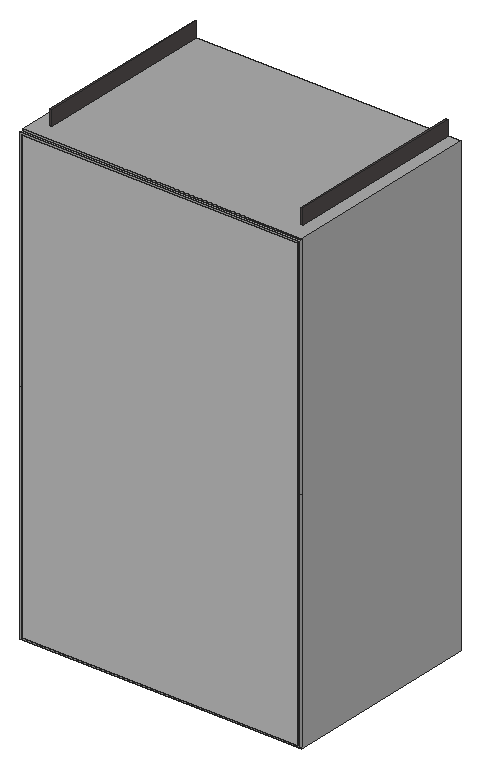
Revit family "vanity unit-hansgrohe-54171XXX-Xevolos E Vanity unit Slate Matt Grey 340_245 for handrinse basin, door hinge right", category Furniture, Revit 2019
Family settings
  OmniClass Number = 23.40.00.00
  OmniClass Title = Equipment and Furnishings
  Work Plane-Based = No
  Always vertical = Yes
  Cut with Voids When Loaded = No
  Shared = Yes
  Room Calculation Point = No
Parameters (values of type "54171770-SLATE_MATT_GREY-METALLIC_SLATE_GREY-200")
  etim7_EC011381 = "EC011381"
  WEIGHT = "9.2"
  UNSPSC = "56 | Furniture and Furnishings"
  UNIFORMATII = "E2010 | Fixed Furnishings"
  UNICLASS_2015_CODE = "40_30_78_05"
  UNICLASS2015 = "Pr_40_30_78_05 | Bathroom furniture"
  SURFACE = "METALLIC_SLATE_GREY"
  REGION = "Worldwide"
  PRODUCTURL = "https://pro.hansgrohe.com/articledetail--54171770"
  PERMALINK = "54171XXX"
  OMNICLASS = "23-21 19 15 33 13 | Residential Bathroom Specialty Casework"
  OBJECTTYPE = "Object (single object)"
  OBERFLAECHE = "SLATE_MATT_GREY"
  NN = "Vanity Unit for handrinse basin, door hinge"
  NBSYN = "$ARTNR.-$OBERFLAECHE.-$SURFACE.-$LODLEVEL."
  NB = "54171770-SLATE_MATT_GREY-METALLIC_SLATE_GREY-200"
  NAME = "Xevolos E Vanity unit Slate Matt Grey 340/245 for handrinse basin, door hinge right"
  Model = "54171770-SLATE_MATT_GREY-METALLIC_SLATE_GREY-200"
  Manufacturer = "Hansgrohe"
  MIdent = "{$CADENAS_DATA/23d-libs/hansgrohe/xevolos_furniture/xevolos_vanity_unit_for_handrinse_basin_door_hinge/vanity_unit_for_handrinse_basin_with_door_hing.prj},282 {VTYP=3D},{NB=54171770-SLATE_MATT_GREY-METALLIC_SLATE_GREY-200},{LINA=54171770-SLATE_MATT_GREY-METALLIC_SLATE_GREY-200},{NN=Vanity Unit for handrinse basin, door hinge},{DATE=13.03.2023 12:26:36},{GEOMDATE=12.03.2023 06:59:00},{VERSION=},{LINEID=180},{WBVAR=LODLEVEL},{WBNUMERIC=}  {NB=54171770-SLATE_MATT_GREY-METALLIC_SLATE_GREY-200},{LINA=54171770-SLATE_MATT_GREY-METALLIC_SLATE_GREY-200},{KT=DUMMY},{IDNR=18},{ARTNR=54171770},{BASENUMBER=54171},{MODEL=54171XXX},{OBERFLAECHE=SLATE_MATT_GREY},{SURFACE=METALLIC_SLATE_GREY},{L=340},{LODLEVEL=200},{LODLEVELX='400','400','200','200'},{NAME=Xevolos E Vanity unit Slate Matt Grey 340/245 for handrinse basin, door hinge right},{PERMALINK=54171XXX},{OBJECTTYPE=Object (single object)},{BIMOBJECT=Sanitary: Compound units},{COLLECTIONSET=Xevolos E},{COLLECTION=vanity unit},{WEIGHT=9.2},{DESCRIPTION=Xevolos E Vanity unit Slate Matt Grey 340/245 for handrinse basin, door hinge right},{PRODUCTURL=https://pro.hansgrohe.com/articledetail--54171770},{GTINCODE=},{TENDERURL=},{IFC=Furnishing element},{ETIM=EC011381 | Bathroom furniture set},{UNICLASS2015=Pr_40_30_78_05 | Bathroom furniture},{OMNICLASS=23-21 19 15 33 13 | Residential Bathroom Specialty Casework},{MASTERFORMAT=12 35 30.23 | Bathroom Casework},{UNSPSC=56 | Furniture and Furnishings},{UNIFORMATII=E2010 | Fixed Furnishings},{REGION=Worldwide},{DESIGN=Germany},{MANUFACTURER=Germany}"
  MASTERFORMAT = "12 35 30.23 | Bathroom Casework"
  LODLEVEL = "200"
  LINA = "54171770-SLATE_MATT_GREY-METALLIC_SLATE_GREY-200"
  L = 340
  IFC = "Furnishing element"
  IDNR = 18
  ETIM = "EC011381 | Bathroom furniture set"
  DESIGN = "Germany"
  COLLECTIONSET = "Xevolos E"
  COLLECTION = "vanity unit"
  CATALOG = "Hansgrohe"
  BIMOBJECT = "Sanitary: Compound units"
  BASENUMBER = "54171"
  ARTNR = "54171770"
  54171770-SLATE_MATT_GREY-METALLIC_SLATE_GREY-400_RX0RY0RZ0TX0TY0TZ0_V = no
  54171770-SLATE_MATT_GREY-METALLIC_SLATE_GREY-200_RX0RY0RZ0TX0TY0TZ0_V = yes
  54171730-SLATE_MATT_GREY-DARK_OAK-400_RX0RY0RZ0TX0TY0TZ0_V = no
  54171730-SLATE_MATT_GREY-DARK_OAK-200_RX0RY0RZ0TX0TY0TZ0_V = no
  54171390-SLATE_MATT_GREY-PATTEREND_BRONZE-400_RX0RY0RZ0TX0TY0TZ0_V = no
  54171390-SLATE_MATT_GREY-PATTEREND_BRONZE-200_RX0RY0RZ0TX0TY0TZ0_V = no
Types (6, lengths in mm): name | SURFACE | NB | Model | MIdent | LODLEVEL | LINA | IDNR | ARTNR | 54171770-SLATE_MATT_GREY-METALLIC_SLATE_GREY-400_RX0RY0RZ0TX0TY0TZ0_V | 54171770-SLATE_MATT_GREY-METALLIC_SLATE_GREY-200_RX0RY0RZ0TX0TY0TZ0_V | 54171730-SLATE_MATT_GREY-DARK_OAK-400_RX0RY0RZ0TX0TY0TZ0_V | 54171730-SLATE_MATT_GREY-DARK_OAK-200_RX0RY0RZ0TX0TY0TZ0_V | 54171390-SLATE_MATT_GREY-PATTEREND_BRONZE-400_RX0RY0RZ0TX0TY0TZ0_V | 54171390-SLATE_MATT_GREY-PATTEREND_BRONZE-200_RX0RY0RZ0TX0TY0TZ0_V
  54171390-SLATE_MATT_GREY-PATTEREND_BRONZE-200 | "PATTEREND_BRONZE" | "54171390-SLATE_MATT_GREY-PATTEREND_BRONZE-200" | "54171390-SLATE_MATT_GREY-PATTEREND_BRONZE-200" | "{$CADENAS_DATA/23d-libs/hansgrohe/xevolos_furniture/xevolos_vanity_unit_for_handrinse_basin_door_hinge/vanity_unit_for_handrinse_basin_with_door_hing.prj},276 {VTYP=3D},{NB=54171390-SLATE_MATT_GREY-PATTEREND_BRONZE-200},{LINA=54171390-SLATE_MATT_GREY-PATTEREND_BRONZE-200},{NN=Vanity Unit for handrinse basin, door hinge},{DATE=13.03.2023 12:26:36},{GEOMDATE=12.03.2023 06:59:00},{VERSION=},{LINEID=160},{WBVAR=LODLEVEL},{WBNUMERIC=}  {NB=54171390-SLATE_MATT_GREY-PATTEREND_BRONZE-200},{LINA=54171390-SLATE_MATT_GREY-PATTEREND_BRONZE-200},{KT=DUMMY},{IDNR=16},{ARTNR=54171390},{BASENUMBER=54171},{MODEL=54171XXX},{OBERFLAECHE=SLATE_MATT_GREY},{SURFACE=PATTEREND_BRONZE},{L=340},{LODLEVEL=200},{LODLEVELX='400','400','200','200'},{NAME=Xevolos E Vanity unit Slate Matt Grey 340/245 for handrinse basin, door hinge right},{PERMALINK=54171XXX},{OBJECTTYPE=Object (single object)},{BIMOBJECT=Sanitary: Compound units},{COLLECTIONSET=Xevolos E},{COLLECTION=vanity unit},{WEIGHT=9.2},{DESCRIPTION=Xevolos E Vanity unit Slate Matt Grey 340/245 for handrinse basin, door hinge right},{PRODUCTURL=https://pro.hansgrohe.com/articledetail--54171770},{GTINCODE=},{TENDERURL=},{IFC=Furnishing element},{ETIM=EC011381 | Bathroom furniture set},{UNICLASS2015=Pr_40_30_78_05 | Bathroom furniture},{OMNICLASS=23-21 19 15 33 13 | Residential Bathroom Specialty Casework},{MASTERFORMAT=12 35 30.23 | Bathroom Casework},{UNSPSC=56 | Furniture and Furnishings},{UNIFORMATII=E2010 | Fixed Furnishings},{REGION=Worldwide},{DESIGN=Germany},{MANUFACTURER=Germany}" | "200" | "54171390-SLATE_MATT_GREY-PATTEREND_BRONZE-200" | 16 | "54171390" | no | no | no | no | no | yes
  54171390-SLATE_MATT_GREY-PATTEREND_BRONZE-400 | "PATTEREND_BRONZE" | "54171390-SLATE_MATT_GREY-PATTEREND_BRONZE-400" | "54171390-SLATE_MATT_GREY-PATTEREND_BRONZE-400" | "{$CADENAS_DATA/23d-libs/hansgrohe/xevolos_furniture/xevolos_vanity_unit_for_handrinse_basin_door_hinge/vanity_unit_for_handrinse_basin_with_door_hing.prj},276 {VTYP=3D},{NB=54171390-SLATE_MATT_GREY-PATTEREND_BRONZE-400},{LINA=54171390-SLATE_MATT_GREY-PATTEREND_BRONZE-400},{NN=Vanity Unit for handrinse basin, door hinge},{DATE=13.03.2023 12:26:36},{GEOMDATE=12.03.2023 06:59:00},{VERSION=},{LINEID=160},{WBVAR=LODLEVEL},{WBNUMERIC=}  {NB=54171390-SLATE_MATT_GREY-PATTEREND_BRONZE-400},{LINA=54171390-SLATE_MATT_GREY-PATTEREND_BRONZE-400},{KT=DUMMY},{IDNR=16},{ARTNR=54171390},{BASENUMBER=54171},{MODEL=54171XXX},{OBERFLAECHE=SLATE_MATT_GREY},{SURFACE=PATTEREND_BRONZE},{L=340},{LODLEVEL=400},{LODLEVELX='400','400','200','200'},{NAME=Xevolos E Vanity unit Slate Matt Grey 340/245 for handrinse basin, door hinge right},{PERMALINK=54171XXX},{OBJECTTYPE=Object (single object)},{BIMOBJECT=Sanitary: Compound units},{COLLECTIONSET=Xevolos E},{COLLECTION=vanity unit},{WEIGHT=9.2},{DESCRIPTION=Xevolos E Vanity unit Slate Matt Grey 340/245 for handrinse basin, door hinge right},{PRODUCTURL=https://pro.hansgrohe.com/articledetail--54171770},{GTINCODE=},{TENDERURL=},{IFC=Furnishing element},{ETIM=EC011381 | Bathroom furniture set},{UNICLASS2015=Pr_40_30_78_05 | Bathroom furniture},{OMNICLASS=23-21 19 15 33 13 | Residential Bathroom Specialty Casework},{MASTERFORMAT=12 35 30.23 | Bathroom Casework},{UNSPSC=56 | Furniture and Furnishings},{UNIFORMATII=E2010 | Fixed Furnishings},{REGION=Worldwide},{DESIGN=Germany},{MANUFACTURER=Germany}" | "400" | "54171390-SLATE_MATT_GREY-PATTEREND_BRONZE-400" | 16 | "54171390" | no | no | no | no | yes | no
  54171730-SLATE_MATT_GREY-DARK_OAK-200 | "DARK_OAK" | "54171730-SLATE_MATT_GREY-DARK_OAK-200" | "54171730-SLATE_MATT_GREY-DARK_OAK-200" | "{$CADENAS_DATA/23d-libs/hansgrohe/xevolos_furniture/xevolos_vanity_unit_for_handrinse_basin_door_hinge/vanity_unit_for_handrinse_basin_with_door_hing.prj},260 {VTYP=3D},{NB=54171730-SLATE_MATT_GREY-DARK_OAK-200},{LINA=54171730-SLATE_MATT_GREY-DARK_OAK-200},{NN=Vanity Unit for handrinse basin, door hinge},{DATE=13.03.2023 12:26:36},{GEOMDATE=12.03.2023 06:59:00},{VERSION=},{LINEID=170},{WBVAR=LODLEVEL},{WBNUMERIC=}  {NB=54171730-SLATE_MATT_GREY-DARK_OAK-200},{LINA=54171730-SLATE_MATT_GREY-DARK_OAK-200},{KT=DUMMY},{IDNR=17},{ARTNR=54171730},{BASENUMBER=54171},{MODEL=54171XXX},{OBERFLAECHE=SLATE_MATT_GREY},{SURFACE=DARK_OAK},{L=340},{LODLEVEL=200},{LODLEVELX='400','400','200','200'},{NAME=Xevolos E Vanity unit Slate Matt Grey 340/245 for handrinse basin, door hinge right},{PERMALINK=54171XXX},{OBJECTTYPE=Object (single object)},{BIMOBJECT=Sanitary: Compound units},{COLLECTIONSET=Xevolos E},{COLLECTION=vanity unit},{WEIGHT=9.2},{DESCRIPTION=Xevolos E Vanity unit Slate Matt Grey 340/245 for handrinse basin, door hinge right},{PRODUCTURL=https://pro.hansgrohe.com/articledetail--54171770},{GTINCODE=},{TENDERURL=},{IFC=Furnishing element},{ETIM=EC011381 | Bathroom furniture set},{UNICLASS2015=Pr_40_30_78_05 | Bathroom furniture},{OMNICLASS=23-21 19 15 33 13 | Residential Bathroom Specialty Casework},{MASTERFORMAT=12 35 30.23 | Bathroom Casework},{UNSPSC=56 | Furniture and Furnishings},{UNIFORMATII=E2010 | Fixed Furnishings},{REGION=Worldwide},{DESIGN=Germany},{MANUFACTURER=Germany}" | "200" | "54171730-SLATE_MATT_GREY-DARK_OAK-200" | 17 | "54171730" | no | no | no | yes | no | no
  54171730-SLATE_MATT_GREY-DARK_OAK-400 | "DARK_OAK" | "54171730-SLATE_MATT_GREY-DARK_OAK-400" | "54171730-SLATE_MATT_GREY-DARK_OAK-400" | "{$CADENAS_DATA/23d-libs/hansgrohe/xevolos_furniture/xevolos_vanity_unit_for_handrinse_basin_door_hinge/vanity_unit_for_handrinse_basin_with_door_hing.prj},260 {VTYP=3D},{NB=54171730-SLATE_MATT_GREY-DARK_OAK-400},{LINA=54171730-SLATE_MATT_GREY-DARK_OAK-400},{NN=Vanity Unit for handrinse basin, door hinge},{DATE=13.03.2023 12:26:36},{GEOMDATE=12.03.2023 06:59:00},{VERSION=},{LINEID=170},{WBVAR=LODLEVEL},{WBNUMERIC=}  {NB=54171730-SLATE_MATT_GREY-DARK_OAK-400},{LINA=54171730-SLATE_MATT_GREY-DARK_OAK-400},{KT=DUMMY},{IDNR=17},{ARTNR=54171730},{BASENUMBER=54171},{MODEL=54171XXX},{OBERFLAECHE=SLATE_MATT_GREY},{SURFACE=DARK_OAK},{L=340},{LODLEVEL=400},{LODLEVELX='400','400','200','200'},{NAME=Xevolos E Vanity unit Slate Matt Grey 340/245 for handrinse basin, door hinge right},{PERMALINK=54171XXX},{OBJECTTYPE=Object (single object)},{BIMOBJECT=Sanitary: Compound units},{COLLECTIONSET=Xevolos E},{COLLECTION=vanity unit},{WEIGHT=9.2},{DESCRIPTION=Xevolos E Vanity unit Slate Matt Grey 340/245 for handrinse basin, door hinge right},{PRODUCTURL=https://pro.hansgrohe.com/articledetail--54171770},{GTINCODE=},{TENDERURL=},{IFC=Furnishing element},{ETIM=EC011381 | Bathroom furniture set},{UNICLASS2015=Pr_40_30_78_05 | Bathroom furniture},{OMNICLASS=23-21 19 15 33 13 | Residential Bathroom Specialty Casework},{MASTERFORMAT=12 35 30.23 | Bathroom Casework},{UNSPSC=56 | Furniture and Furnishings},{UNIFORMATII=E2010 | Fixed Furnishings},{REGION=Worldwide},{DESIGN=Germany},{MANUFACTURER=Germany}" | "400" | "54171730-SLATE_MATT_GREY-DARK_OAK-400" | 17 | "54171730" | no | no | yes | no | no | no
  54171770-SLATE_MATT_GREY-METALLIC_SLATE_GREY-200 | "METALLIC_SLATE_GREY" | "54171770-SLATE_MATT_GREY-METALLIC_SLATE_GREY-200" | "54171770-SLATE_MATT_GREY-METALLIC_SLATE_GREY-200" | "{$CADENAS_DATA/23d-libs/hansgrohe/xevolos_furniture/xevolos_vanity_unit_for_handrinse_basin_door_hinge/vanity_unit_for_handrinse_basin_with_door_hing.prj},282 {VTYP=3D},{NB=54171770-SLATE_MATT_GREY-METALLIC_SLATE_GREY-200},{LINA=54171770-SLATE_MATT_GREY-METALLIC_SLATE_GREY-200},{NN=Vanity Unit for handrinse basin, door hinge},{DATE=13.03.2023 12:26:36},{GEOMDATE=12.03.2023 06:59:00},{VERSION=},{LINEID=180},{WBVAR=LODLEVEL},{WBNUMERIC=}  {NB=54171770-SLATE_MATT_GREY-METALLIC_SLATE_GREY-200},{LINA=54171770-SLATE_MATT_GREY-METALLIC_SLATE_GREY-200},{KT=DUMMY},{IDNR=18},{ARTNR=54171770},{BASENUMBER=54171},{MODEL=54171XXX},{OBERFLAECHE=SLATE_MATT_GREY},{SURFACE=METALLIC_SLATE_GREY},{L=340},{LODLEVEL=200},{LODLEVELX='400','400','200','200'},{NAME=Xevolos E Vanity unit Slate Matt Grey 340/245 for handrinse basin, door hinge right},{PERMALINK=54171XXX},{OBJECTTYPE=Object (single object)},{BIMOBJECT=Sanitary: Compound units},{COLLECTIONSET=Xevolos E},{COLLECTION=vanity unit},{WEIGHT=9.2},{DESCRIPTION=Xevolos E Vanity unit Slate Matt Grey 340/245 for handrinse basin, door hinge right},{PRODUCTURL=https://pro.hansgrohe.com/articledetail--54171770},{GTINCODE=},{TENDERURL=},{IFC=Furnishing element},{ETIM=EC011381 | Bathroom furniture set},{UNICLASS2015=Pr_40_30_78_05 | Bathroom furniture},{OMNICLASS=23-21 19 15 33 13 | Residential Bathroom Specialty Casework},{MASTERFORMAT=12 35 30.23 | Bathroom Casework},{UNSPSC=56 | Furniture and Furnishings},{UNIFORMATII=E2010 | Fixed Furnishings},{REGION=Worldwide},{DESIGN=Germany},{MANUFACTURER=Germany}" | "200" | "54171770-SLATE_MATT_GREY-METALLIC_SLATE_GREY-200" | 18 | "54171770" | no | yes | no | no | no | no
  54171770-SLATE_MATT_GREY-METALLIC_SLATE_GREY-400 | "METALLIC_SLATE_GREY" | "54171770-SLATE_MATT_GREY-METALLIC_SLATE_GREY-400" | "54171770-SLATE_MATT_GREY-METALLIC_SLATE_GREY-400" | "{$CADENAS_DATA/23d-libs/hansgrohe/xevolos_furniture/xevolos_vanity_unit_for_handrinse_basin_door_hinge/vanity_unit_for_handrinse_basin_with_door_hing.prj},282 {VTYP=3D},{NB=54171770-SLATE_MATT_GREY-METALLIC_SLATE_GREY-400},{LINA=54171770-SLATE_MATT_GREY-METALLIC_SLATE_GREY-400},{NN=Vanity Unit for handrinse basin, door hinge},{DATE=13.03.2023 12:26:36},{GEOMDATE=12.03.2023 06:59:00},{VERSION=},{LINEID=180},{WBVAR=LODLEVEL},{WBNUMERIC=}  {NB=54171770-SLATE_MATT_GREY-METALLIC_SLATE_GREY-400},{LINA=54171770-SLATE_MATT_GREY-METALLIC_SLATE_GREY-400},{KT=DUMMY},{IDNR=18},{ARTNR=54171770},{BASENUMBER=54171},{MODEL=54171XXX},{OBERFLAECHE=SLATE_MATT_GREY},{SURFACE=METALLIC_SLATE_GREY},{L=340},{LODLEVEL=400},{LODLEVELX='400','400','200','200'},{NAME=Xevolos E Vanity unit Slate Matt Grey 340/245 for handrinse basin, door hinge right},{PERMALINK=54171XXX},{OBJECTTYPE=Object (single object)},{BIMOBJECT=Sanitary: Compound units},{COLLECTIONSET=Xevolos E},{COLLECTION=vanity unit},{WEIGHT=9.2},{DESCRIPTION=Xevolos E Vanity unit Slate Matt Grey 340/245 for handrinse basin, door hinge right},{PRODUCTURL=https://pro.hansgrohe.com/articledetail--54171770},{GTINCODE=},{TENDERURL=},{IFC=Furnishing element},{ETIM=EC011381 | Bathroom furniture set},{UNICLASS2015=Pr_40_30_78_05 | Bathroom furniture},{OMNICLASS=23-21 19 15 33 13 | Residential Bathroom Specialty Casework},{MASTERFORMAT=12 35 30.23 | Bathroom Casework},{UNSPSC=56 | Furniture and Furnishings},{UNIFORMATII=E2010 | Fixed Furnishings},{REGION=Worldwide},{DESIGN=Germany},{MANUFACTURER=Germany}" | "400" | "54171770-SLATE_MATT_GREY-METALLIC_SLATE_GREY-400" | 18 | "54171770" | yes | no | no | no | no | no
Reference planes
  plane 1 "Center (Front/Back)": y = 0
  plane 2: z = 0
  plane 3 "Center (Left/Right)": x = 0
Dimensions and locks
  aligned and locked: level to plane 2
Nested families
  nested 1: "54171390-slate_matt_grey-patterend_bronze-200_content" at (0, 0, 0), visible <- "54171390-SLATE_MATT_GREY-PATTEREND_BRONZE-200_RX0RY0RZ0TX0TY0TZ0_V", ContentVisible <- "54171390-SLATE_MATT_GREY-PATTEREND_BRONZE-200_RX0RY0RZ0TX0TY0TZ0_V", type "54171390-SLATE_MATT_GREY-PATTEREND_BRONZE-200_Content"
    with ContentVisible no
  nested 2: "54171390-slate_matt_grey-patterend_bronze-400_content" at (0, 0, 0), visible <- "54171390-SLATE_MATT_GREY-PATTEREND_BRONZE-400_RX0RY0RZ0TX0TY0TZ0_V", ContentVisible <- "54171390-SLATE_MATT_GREY-PATTEREND_BRONZE-400_RX0RY0RZ0TX0TY0TZ0_V", type "54171390-SLATE_MATT_GREY-PATTEREND_BRONZE-400_Content"
    with ContentVisible no
  nested 3: "54171730-slate_matt_grey-dark_oak-200_content" at (0, 0, 0), visible <- "54171730-SLATE_MATT_GREY-DARK_OAK-200_RX0RY0RZ0TX0TY0TZ0_V", ContentVisible <- "54171730-SLATE_MATT_GREY-DARK_OAK-200_RX0RY0RZ0TX0TY0TZ0_V", type "54171730-SLATE_MATT_GREY-DARK_OAK-200_Content"
    with ContentVisible no
  nested 4: "54171730-slate_matt_grey-dark_oak-400_content" at (0, 0, 0), visible <- "54171730-SLATE_MATT_GREY-DARK_OAK-400_RX0RY0RZ0TX0TY0TZ0_V", ContentVisible <- "54171730-SLATE_MATT_GREY-DARK_OAK-400_RX0RY0RZ0TX0TY0TZ0_V", type "54171730-SLATE_MATT_GREY-DARK_OAK-400_Content"
    with ContentVisible no
  nested 5: "54171770-slate_matt_grey-metallic_slate_grey-200_content" at (0, 0, 0), visible <- "54171770-SLATE_MATT_GREY-METALLIC_SLATE_GREY-200_RX0RY0RZ0TX0TY0TZ0_V", ContentVisible <- "54171770-SLATE_MATT_GREY-METALLIC_SLATE_GREY-200_RX0RY0RZ0TX0TY0TZ0_V", type "54171770-SLATE_MATT_GREY-METALLIC_SLATE_GREY-200_Content"
    with ContentVisible yes
  nested 6: "54171770-slate_matt_grey-metallic_slate_grey-400_content" at (0, 0, 0), visible <- "54171770-SLATE_MATT_GREY-METALLIC_SLATE_GREY-400_RX0RY0RZ0TX0TY0TZ0_V", ContentVisible <- "54171770-SLATE_MATT_GREY-METALLIC_SLATE_GREY-400_RX0RY0RZ0TX0TY0TZ0_V", type "54171770-SLATE_MATT_GREY-METALLIC_SLATE_GREY-400_Content"
    with ContentVisible no
Definition of nested family "54171770-slate_matt_grey-metallic_slate_grey-200_content"
  Parameters (values of type "54171770-SLATE_MATT_GREY-METALLIC_SLATE_GREY-200_Content")
    etim7_EC011381 = "EC011381"
    WEIGHT = "9.2"
    UNSPSC = "56 | Furniture and Furnishings"
    UNIFORMATII = "E2010 | Fixed Furnishings"
    UNICLASS_2015_CODE = "40_30_78_05"
    UNICLASS2015 = "Pr_40_30_78_05 | Bathroom furniture"
    SURFACE = "METALLIC_SLATE_GREY"
    REGION = "Worldwide"
    PRODUCTURL = "https://pro.hansgrohe.com/articledetail--54171770"
    PERMALINK = "54171XXX"
    OMNICLASS = "23-21 19 15 33 13 | Residential Bathroom Specialty Casework"
    OBJECTTYPE = "Object (single object)"
    OBERFLAECHE = "SLATE_MATT_GREY"
    NN = "Vanity Unit for handrinse basin, door hinge"
    NBSYN = "$ARTNR.-$OBERFLAECHE.-$SURFACE.-$LODLEVEL."
    NB = "54171770-SLATE_MATT_GREY-METALLIC_SLATE_GREY-200"
    NAME = "Xevolos E Vanity unit Slate Matt Grey 340/245 for handrinse basin, door hinge right"
    Model = "54171770-SLATE_MATT_GREY-METALLIC_SLATE_GREY-200"
    Manufacturer = "Hansgrohe"
    MASTERFORMAT = "12 35 30.23 | Bathroom Casework"
    LODLEVEL = "200"
    LINA = "54171770-SLATE_MATT_GREY-METALLIC_SLATE_GREY-200"
    L = 340
    IFC = "Furnishing element"
    IDNR = 18
    ETIM = "EC011381 | Bathroom furniture set"
    Default Elevation = 1219.2 mm
    DESIGN = "Germany"
    ContentVisible [instance] = yes
    COLLECTIONSET = "Xevolos E"
    COLLECTION = "vanity unit"
    CATALOG = "Hansgrohe"
    BIMOBJECT = "Sanitary: Compound units"
    BASENUMBER = "54171"
    ARTNR = "54171770"
  Reference planes
    plane 1 "Center (Front/Back)": y = 0
    plane 2: z = 0
    plane 3 "Center (Left/Right)": x = 0
  Forms (mm)
    Extrusion 1, solid, visible <- "ContentVisible", detail levels medium+fine
      sketch origin (0, 0, 0) x (1, 0, 0) y (0, 1, 0)
        loop
          line (-170, 0) -> (-170, -241.25) -> (170, -241.25) -> (170, 0) -> (-170, 0)
      from 0 to 556
    Extrusion 2, solid, visible <- "ContentVisible", detail levels medium+fine
      sketch origin (0, -241.25, 0) x (1, 0, 0) y (0, 0, -1)
        loop
          line (-170, -278) -> (-168, -278) -> (-168, -4) -> (168, -4) -> (168, -278) -> (170, -278) -> (170, -2) -> (-170, -2) -> (-170, -278)
      from -4 to 0
    Extrusion 3, solid, visible <- "ContentVisible", detail levels medium+fine
      sketch origin (0, -241.25, 0) x (1, 0, 0) y (0, 0, -1)
        loop
          line (-170, -278) -> (-170, -554) -> (170, -554) -> (170, -278) -> (168, -278) -> (168, -552) -> (-168, -552) -> (-168, -278) -> (-170, -278)
      from -4 to 0
    Extrusion 4, solid, visible <- "ContentVisible", detail levels medium+fine
      sketch origin (0, -241.25, 0) x (1, 0, 0) y (0, 0, -1)
        loop
          line (-168, -552) -> (168, -552) -> (168, -4) -> (-168, -4) -> (-168, -552)
      from -4 to 0
    Extrusion 5, solid, visible <- "ContentVisible", detail levels medium+fine
      sketch origin (-154, 0, 0) x (0, 0, -1) y (0, 1, 0)
        loop
          line (-574, 0) -> (-574, -220) -> (-554, -220) -> (-554, -203.5) -> (-534, -203.5) -> (-534, -17.5) -> (-554, -17.5) -> (-554, 0) -> (-574, 0)
      from 0 to 2
    Extrusion 6, solid, visible <- "ContentVisible", detail levels medium+fine
      sketch origin (154, 0, 0) x (0, 0, -1) y (0, 1, 0)
        loop
          line (-574, 0) -> (-574, -220) -> (-554, -220) -> (-554, -203.5) -> (-534, -203.5) -> (-534, -17.5) -> (-554, -17.5) -> (-554, 0) -> (-574, 0)
      from -2 to 0
    Extrusion 7, solid, visible <- "ContentVisible", detail levels coarse
      sketch origin (0, -122.625, 0) x (1, 0, 0) y (0, 1, 0)
        loop
          line (-170, -122.625) -> (170, -122.625) -> (170, 122.625) -> (-170, 122.625) -> (-170, -122.625)
      from 0 to 574
  Dimensions and locks
    aligned and locked: level to plane 2
Definition of nested family "54171390-slate_matt_grey-patterend_bronze-200_content"
  Parameters (values of type "54171390-SLATE_MATT_GREY-PATTEREND_BRONZE-200_Content")
    etim7_EC011381 = "EC011381"
    WEIGHT = "9.2"
    UNSPSC = "56 | Furniture and Furnishings"
    UNIFORMATII = "E2010 | Fixed Furnishings"
    UNICLASS_2015_CODE = "40_30_78_05"
    UNICLASS2015 = "Pr_40_30_78_05 | Bathroom furniture"
    SURFACE = "PATTEREND_BRONZE"
    REGION = "Worldwide"
    PRODUCTURL = "https://pro.hansgrohe.com/articledetail--54171770"
    PERMALINK = "54171XXX"
    OMNICLASS = "23-21 19 15 33 13 | Residential Bathroom Specialty Casework"
    OBJECTTYPE = "Object (single object)"
    OBERFLAECHE = "SLATE_MATT_GREY"
    NN = "Vanity Unit for handrinse basin, door hinge"
    NBSYN = "$ARTNR.-$OBERFLAECHE.-$SURFACE.-$LODLEVEL."
    NB = "54171390-SLATE_MATT_GREY-PATTEREND_BRONZE-200"
    NAME = "Xevolos E Vanity unit Slate Matt Grey 340/245 for handrinse basin, door hinge right"
    Model = "54171390-SLATE_MATT_GREY-PATTEREND_BRONZE-200"
    Manufacturer = "Hansgrohe"
    MASTERFORMAT = "12 35 30.23 | Bathroom Casework"
    LODLEVEL = "200"
    LINA = "54171390-SLATE_MATT_GREY-PATTEREND_BRONZE-200"
    L = 340
    IFC = "Furnishing element"
    IDNR = 16
    ETIM = "EC011381 | Bathroom furniture set"
    Default Elevation = 1219.2 mm
    DESIGN = "Germany"
    ContentVisible [instance] = yes
    COLLECTIONSET = "Xevolos E"
    COLLECTION = "vanity unit"
    CATALOG = "Hansgrohe"
    BIMOBJECT = "Sanitary: Compound units"
    BASENUMBER = "54171"
    ARTNR = "54171390"
  Reference planes
    plane 1 "Center (Front/Back)": y = 0
    plane 2: z = 0
    plane 3 "Center (Left/Right)": x = 0
  Forms (mm)
    Extrusion 1, solid, visible <- "ContentVisible", detail levels medium+fine
      sketch origin (0, 0, 0) x (1, 0, 0) y (0, 1, 0)
        loop
          line (-170, 0) -> (-170, -241.25) -> (170, -241.25) -> (170, 0) -> (-170, 0)
      from 0 to 556
    Extrusion 2, solid, visible <- "ContentVisible", detail levels medium+fine
      sketch origin (0, -241.25, 0) x (1, 0, 0) y (0, 0, -1)
        loop
          line (-170, -278) -> (-168, -278) -> (-168, -4) -> (168, -4) -> (168, -278) -> (170, -278) -> (170, -2) -> (-170, -2) -> (-170, -278)
      from -4 to 0
    Extrusion 3, solid, visible <- "ContentVisible", detail levels medium+fine
      sketch origin (0, -241.25, 0) x (1, 0, 0) y (0, 0, -1)
        loop
          line (-170, -278) -> (-170, -554) -> (170, -554) -> (170, -278) -> (168, -278) -> (168, -552) -> (-168, -552) -> (-168, -278) -> (-170, -278)
      from -4 to 0
    Extrusion 4, solid, visible <- "ContentVisible", detail levels medium+fine
      sketch origin (0, -241.25, 0) x (1, 0, 0) y (0, 0, -1)
        loop
          line (-168, -552) -> (168, -552) -> (168, -4) -> (-168, -4) -> (-168, -552)
      from -4 to 0
    Extrusion 5, solid, visible <- "ContentVisible", detail levels medium+fine
      sketch origin (-154, 0, 0) x (0, 0, -1) y (0, 1, 0)
        loop
          line (-574, 0) -> (-574, -220) -> (-554, -220) -> (-554, -203.5) -> (-534, -203.5) -> (-534, -17.5) -> (-554, -17.5) -> (-554, 0) -> (-574, 0)
      from 0 to 2
    Extrusion 6, solid, visible <- "ContentVisible", detail levels medium+fine
      sketch origin (154, 0, 0) x (0, 0, -1) y (0, 1, 0)
        loop
          line (-574, 0) -> (-574, -220) -> (-554, -220) -> (-554, -203.5) -> (-534, -203.5) -> (-534, -17.5) -> (-554, -17.5) -> (-554, 0) -> (-574, 0)
      from -2 to 0
    Extrusion 7, solid, visible <- "ContentVisible", detail levels coarse
      sketch origin (0, -122.625, 0) x (1, 0, 0) y (0, 1, 0)
        loop
          line (-170, -122.625) -> (170, -122.625) -> (170, 122.625) -> (-170, 122.625) -> (-170, -122.625)
      from 0 to 574
  Dimensions and locks
    aligned and locked: level to plane 2
Definition of nested family "54171390-slate_matt_grey-patterend_bronze-400_content"
  Parameters (values of type "54171390-SLATE_MATT_GREY-PATTEREND_BRONZE-400_Content")
    etim7_EC011381 = "EC011381"
    WEIGHT = "9.2"
    UNSPSC = "56 | Furniture and Furnishings"
    UNIFORMATII = "E2010 | Fixed Furnishings"
    UNICLASS_2015_CODE = "40_30_78_05"
    UNICLASS2015 = "Pr_40_30_78_05 | Bathroom furniture"
    SURFACE = "PATTEREND_BRONZE"
    REGION = "Worldwide"
    PRODUCTURL = "https://pro.hansgrohe.com/articledetail--54171770"
    PERMALINK = "54171XXX"
    OMNICLASS = "23-21 19 15 33 13 | Residential Bathroom Specialty Casework"
    OBJECTTYPE = "Object (single object)"
    OBERFLAECHE = "SLATE_MATT_GREY"
    NN = "Vanity Unit for handrinse basin, door hinge"
    NBSYN = "$ARTNR.-$OBERFLAECHE.-$SURFACE.-$LODLEVEL."
    NB = "54171390-SLATE_MATT_GREY-PATTEREND_BRONZE-400"
    NAME = "Xevolos E Vanity unit Slate Matt Grey 340/245 for handrinse basin, door hinge right"
    Model = "54171390-SLATE_MATT_GREY-PATTEREND_BRONZE-400"
    Manufacturer = "Hansgrohe"
    MASTERFORMAT = "12 35 30.23 | Bathroom Casework"
    LODLEVEL = "400"
    LINA = "54171390-SLATE_MATT_GREY-PATTEREND_BRONZE-400"
    L = 340
    IFC = "Furnishing element"
    IDNR = 16
    ETIM = "EC011381 | Bathroom furniture set"
    Default Elevation = 1219.2 mm
    DESIGN = "Germany"
    ContentVisible [instance] = yes
    COLLECTIONSET = "Xevolos E"
    COLLECTION = "vanity unit"
    CATALOG = "Hansgrohe"
    BIMOBJECT = "Sanitary: Compound units"
    BASENUMBER = "54171"
    ARTNR = "54171390"
  Reference planes
    plane 1 "Center (Front/Back)": y = 0
    plane 2: z = 0
    plane 3 "Center (Left/Right)": x = 0
  Forms (mm)
    Extrusion 1, solid, visible <- "ContentVisible", detail levels medium+fine
      sketch origin (0, 0, 0) x (1, 0, 0) y (0, 1, 0)
        loop
          line (-170, 0) -> (-170, -245.25) -> (-168, -245.25) -> (-168, -241.25) -> (-154, -241.25) -> (-154, 0) -> (-170, 0)
      from 0 to 556
    Extrusion 2, solid, visible <- "ContentVisible", detail levels medium+fine
      sketch origin (0, 0, 0) x (1, 0, 0) y (0, 1, 0)
        loop
          line (-154, -20) -> (-154, -219.5) -> (154, -219.5) -> (154, -20) -> (-154, -20)
      from 0 to 16
    Extrusion 3, solid, visible <- "ContentVisible", detail levels medium+fine
      sketch origin (0, 0, 0) x (1, 0, 0) y (0, 1, 0)
        loop
          line (154, 0) -> (154, -241.25) -> (168, -241.25) -> (168, -245.25) -> (170, -245.25) -> (170, 0) -> (154, 0)
      from 0 to 556
    Extrusion 4, solid, visible <- "ContentVisible", detail levels medium+fine
      sketch origin (0, 0, 0.5) x (1, 0, 0) y (0, 1, 0)
        loop
          line (-154, -4) -> (-154, -20) -> (154, -20) -> (154, -4) -> (-154, -4)
      from 0 to 126
    Extrusion 5, solid, visible <- "ContentVisible", detail levels medium+fine
      sketch origin (0, 0, 2) x (1, 0, 0) y (0, 1, 0)
        loop
          line (-168, -223.95) -> (-168, -245.25) -> (168, -245.25) -> (168, -223.95) -> (-168, -223.95)
      from 0 to 2
    Extrusion 6, solid, visible <- "ContentVisible", detail levels medium+fine
      sketch origin (0, 0, 554) x (1, 0, 0) y (0, 1, 0)
        loop
          line (-168, -223.95) -> (-168, -245.25) -> (168, -245.25) -> (168, -223.95) -> (-168, -223.95)
      from -2 to 0
    Extrusion 7, solid, visible <- "ContentVisible", detail levels medium+fine
      sketch origin (0, -241.25, 0) x (1, 0, 0) y (0, 0, -1)
        loop
          line (-168, -552) -> (168, -552) -> (168, -4) -> (-168, -4) -> (-168, -552)
      from -4 to 0
    Extrusion 8, solid, visible <- "ContentVisible", detail levels medium+fine
      sketch origin (0, -241.25, 0) x (1, 0, 0) y (0, 0, -1)
        loop
          line (-154, -552) -> (154, -552) -> (154, -4) -> (-154, -4) -> (-154, -552)
        loop
          line (-95, -78) -> (-95, -474) -> (95, -474) -> (95, -78) -> (-95, -78)
      from 0 to 17.3
    Extrusion 9, solid, visible <- "ContentVisible", detail levels medium+fine
      sketch origin (-154, 0, 0) x (0, 0, -1) y (0, 1, 0)
        loop
          line (-574, 0) -> (-574, -220) -> (-554, -220) -> (-554, -203.5) -> (-534, -203.5) -> (-534, -17.5) -> (-554, -17.5) -> (-554, 0) -> (-574, 0)
      from 0 to 2
    Extrusion 10, solid, visible <- "ContentVisible", detail levels medium+fine
      sketch origin (154, 0, 0) x (0, 0, -1) y (0, 1, 0)
        loop
          line (-574, 0) -> (-574, -220) -> (-554, -220) -> (-554, -203.5) -> (-534, -203.5) -> (-534, -17.5) -> (-554, -17.5) -> (-554, 0) -> (-574, 0)
      from -2 to 0
    Extrusion 11, solid, visible <- "ContentVisible", detail levels medium+fine
      sketch origin (0, 0, 0) x (0, 0, -1) y (0, 1, 0)
        loop
          line (-551, -203.5) -> (-551, -219.5) -> (-477, -219.5) -> (-477, -203.5) -> (-551, -203.5)
      from -154 to 154
    Extrusion 12, solid, visible <- "ContentVisible", detail levels coarse
      sketch origin (0, -122.625, 0) x (1, 0, 0) y (0, 1, 0)
        loop
          line (-170, -122.625) -> (170, -122.625) -> (170, 122.625) -> (-170, 122.625) -> (-170, -122.625)
      from 0 to 574
  Dimensions and locks
    aligned and locked: level to plane 2
Definition of nested family "54171730-slate_matt_grey-dark_oak-200_content"
  Parameters (values of type "54171730-SLATE_MATT_GREY-DARK_OAK-200_Content")
    etim7_EC011381 = "EC011381"
    WEIGHT = "9.2"
    UNSPSC = "56 | Furniture and Furnishings"
    UNIFORMATII = "E2010 | Fixed Furnishings"
    UNICLASS_2015_CODE = "40_30_78_05"
    UNICLASS2015 = "Pr_40_30_78_05 | Bathroom furniture"
    SURFACE = "DARK_OAK"
    REGION = "Worldwide"
    PRODUCTURL = "https://pro.hansgrohe.com/articledetail--54171770"
    PERMALINK = "54171XXX"
    OMNICLASS = "23-21 19 15 33 13 | Residential Bathroom Specialty Casework"
    OBJECTTYPE = "Object (single object)"
    OBERFLAECHE = "SLATE_MATT_GREY"
    NN = "Vanity Unit for handrinse basin, door hinge"
    NBSYN = "$ARTNR.-$OBERFLAECHE.-$SURFACE.-$LODLEVEL."
    NB = "54171730-SLATE_MATT_GREY-DARK_OAK-200"
    NAME = "Xevolos E Vanity unit Slate Matt Grey 340/245 for handrinse basin, door hinge right"
    Model = "54171730-SLATE_MATT_GREY-DARK_OAK-200"
    Manufacturer = "Hansgrohe"
    MASTERFORMAT = "12 35 30.23 | Bathroom Casework"
    LODLEVEL = "200"
    LINA = "54171730-SLATE_MATT_GREY-DARK_OAK-200"
    L = 340
    IFC = "Furnishing element"
    IDNR = 17
    ETIM = "EC011381 | Bathroom furniture set"
    Default Elevation = 1219.2 mm
    DESIGN = "Germany"
    ContentVisible [instance] = yes
    COLLECTIONSET = "Xevolos E"
    COLLECTION = "vanity unit"
    CATALOG = "Hansgrohe"
    BIMOBJECT = "Sanitary: Compound units"
    BASENUMBER = "54171"
    ARTNR = "54171730"
  Reference planes
    plane 1 "Center (Front/Back)": y = 0
    plane 2: z = 0
    plane 3 "Center (Left/Right)": x = 0
  Forms (mm)
    Extrusion 1, solid, visible <- "ContentVisible", detail levels medium+fine
      sketch origin (0, 0, 0) x (1, 0, 0) y (0, 1, 0)
        loop
          line (-170, 0) -> (-170, -241.25) -> (170, -241.25) -> (170, 0) -> (-170, 0)
      from 0 to 556
    Extrusion 2, solid, visible <- "ContentVisible", detail levels medium+fine
      sketch origin (0, -241.25, 0) x (1, 0, 0) y (0, 0, -1)
        loop
          line (-170, -278) -> (-168, -278) -> (-168, -4) -> (168, -4) -> (168, -278) -> (170, -278) -> (170, -2) -> (-170, -2) -> (-170, -278)
      from -4 to 0
    Extrusion 3, solid, visible <- "ContentVisible", detail levels medium+fine
      sketch origin (0, -241.25, 0) x (1, 0, 0) y (0, 0, -1)
        loop
          line (-170, -278) -> (-170, -554) -> (170, -554) -> (170, -278) -> (168, -278) -> (168, -552) -> (-168, -552) -> (-168, -278) -> (-170, -278)
      from -4 to 0
    Extrusion 4, solid, visible <- "ContentVisible", detail levels medium+fine
      sketch origin (0, -241.25, 0) x (1, 0, 0) y (0, 0, -1)
        loop
          line (-168, -552) -> (168, -552) -> (168, -4) -> (-168, -4) -> (-168, -552)
      from -4 to 0
    Extrusion 5, solid, visible <- "ContentVisible", detail levels medium+fine
      sketch origin (-154, 0, 0) x (0, 0, -1) y (0, 1, 0)
        loop
          line (-574, 0) -> (-574, -220) -> (-554, -220) -> (-554, -203.5) -> (-534, -203.5) -> (-534, -17.5) -> (-554, -17.5) -> (-554, 0) -> (-574, 0)
      from 0 to 2
    Extrusion 6, solid, visible <- "ContentVisible", detail levels medium+fine
      sketch origin (154, 0, 0) x (0, 0, -1) y (0, 1, 0)
        loop
          line (-574, 0) -> (-574, -220) -> (-554, -220) -> (-554, -203.5) -> (-534, -203.5) -> (-534, -17.5) -> (-554, -17.5) -> (-554, 0) -> (-574, 0)
      from -2 to 0
    Extrusion 7, solid, visible <- "ContentVisible", detail levels coarse
      sketch origin (0, -122.625, 0) x (1, 0, 0) y (0, 1, 0)
        loop
          line (-170, -122.625) -> (170, -122.625) -> (170, 122.625) -> (-170, 122.625) -> (-170, -122.625)
      from 0 to 574
  Dimensions and locks
    aligned and locked: level to plane 2
Definition of nested family "54171730-slate_matt_grey-dark_oak-400_content"
  Parameters (values of type "54171730-SLATE_MATT_GREY-DARK_OAK-400_Content")
    etim7_EC011381 = "EC011381"
    WEIGHT = "9.2"
    UNSPSC = "56 | Furniture and Furnishings"
    UNIFORMATII = "E2010 | Fixed Furnishings"
    UNICLASS_2015_CODE = "40_30_78_05"
    UNICLASS2015 = "Pr_40_30_78_05 | Bathroom furniture"
    SURFACE = "DARK_OAK"
    REGION = "Worldwide"
    PRODUCTURL = "https://pro.hansgrohe.com/articledetail--54171770"
    PERMALINK = "54171XXX"
    OMNICLASS = "23-21 19 15 33 13 | Residential Bathroom Specialty Casework"
    OBJECTTYPE = "Object (single object)"
    OBERFLAECHE = "SLATE_MATT_GREY"
    NN = "Vanity Unit for handrinse basin, door hinge"
    NBSYN = "$ARTNR.-$OBERFLAECHE.-$SURFACE.-$LODLEVEL."
    NB = "54171730-SLATE_MATT_GREY-DARK_OAK-400"
    NAME = "Xevolos E Vanity unit Slate Matt Grey 340/245 for handrinse basin, door hinge right"
    Model = "54171730-SLATE_MATT_GREY-DARK_OAK-400"
    Manufacturer = "Hansgrohe"
    MASTERFORMAT = "12 35 30.23 | Bathroom Casework"
    LODLEVEL = "400"
    LINA = "54171730-SLATE_MATT_GREY-DARK_OAK-400"
    L = 340
    IFC = "Furnishing element"
    IDNR = 17
    ETIM = "EC011381 | Bathroom furniture set"
    Default Elevation = 1219.2 mm
    DESIGN = "Germany"
    ContentVisible [instance] = yes
    COLLECTIONSET = "Xevolos E"
    COLLECTION = "vanity unit"
    CATALOG = "Hansgrohe"
    BIMOBJECT = "Sanitary: Compound units"
    BASENUMBER = "54171"
    ARTNR = "54171730"
  Reference planes
    plane 1 "Center (Front/Back)": y = 0
    plane 2: z = 0
    plane 3 "Center (Left/Right)": x = 0
  Forms (mm)
    Extrusion 1, solid, visible <- "ContentVisible", detail levels medium+fine
      sketch origin (0, 0, 0) x (1, 0, 0) y (0, 1, 0)
        loop
          line (-170, 0) -> (-170, -245.25) -> (-168, -245.25) -> (-168, -241.25) -> (-154, -241.25) -> (-154, 0) -> (-170, 0)
      from 0 to 556
    Extrusion 2, solid, visible <- "ContentVisible", detail levels medium+fine
      sketch origin (0, 0, 0) x (1, 0, 0) y (0, 1, 0)
        loop
          line (-154, -20) -> (-154, -219.5) -> (154, -219.5) -> (154, -20) -> (-154, -20)
      from 0 to 16
    Extrusion 3, solid, visible <- "ContentVisible", detail levels medium+fine
      sketch origin (0, 0, 0) x (1, 0, 0) y (0, 1, 0)
        loop
          line (154, 0) -> (154, -241.25) -> (168, -241.25) -> (168, -245.25) -> (170, -245.25) -> (170, 0) -> (154, 0)
      from 0 to 556
    Extrusion 4, solid, visible <- "ContentVisible", detail levels medium+fine
      sketch origin (0, 0, 0.5) x (1, 0, 0) y (0, 1, 0)
        loop
          line (-154, -4) -> (-154, -20) -> (154, -20) -> (154, -4) -> (-154, -4)
      from 0 to 126
    Extrusion 5, solid, visible <- "ContentVisible", detail levels medium+fine
      sketch origin (0, 0, 2) x (1, 0, 0) y (0, 1, 0)
        loop
          line (-168, -223.95) -> (-168, -245.25) -> (168, -245.25) -> (168, -223.95) -> (-168, -223.95)
      from 0 to 2
    Extrusion 6, solid, visible <- "ContentVisible", detail levels medium+fine
      sketch origin (0, 0, 554) x (1, 0, 0) y (0, 1, 0)
        loop
          line (-168, -223.95) -> (-168, -245.25) -> (168, -245.25) -> (168, -223.95) -> (-168, -223.95)
      from -2 to 0
    Extrusion 7, solid, visible <- "ContentVisible", detail levels medium+fine
      sketch origin (0, -241.25, 0) x (1, 0, 0) y (0, 0, -1)
        loop
          line (-168, -552) -> (168, -552) -> (168, -4) -> (-168, -4) -> (-168, -552)
      from -4 to 0
    Extrusion 8, solid, visible <- "ContentVisible", detail levels medium+fine
      sketch origin (0, -241.25, 0) x (1, 0, 0) y (0, 0, -1)
        loop
          line (-154, -552) -> (154, -552) -> (154, -4) -> (-154, -4) -> (-154, -552)
        loop
          line (-95, -78) -> (-95, -474) -> (95, -474) -> (95, -78) -> (-95, -78)
      from 0 to 17.3
    Extrusion 9, solid, visible <- "ContentVisible", detail levels medium+fine
      sketch origin (-154, 0, 0) x (0, 0, -1) y (0, 1, 0)
        loop
          line (-574, 0) -> (-574, -220) -> (-554, -220) -> (-554, -203.5) -> (-534, -203.5) -> (-534, -17.5) -> (-554, -17.5) -> (-554, 0) -> (-574, 0)
      from 0 to 2
    Extrusion 10, solid, visible <- "ContentVisible", detail levels medium+fine
      sketch origin (154, 0, 0) x (0, 0, -1) y (0, 1, 0)
        loop
          line (-574, 0) -> (-574, -220) -> (-554, -220) -> (-554, -203.5) -> (-534, -203.5) -> (-534, -17.5) -> (-554, -17.5) -> (-554, 0) -> (-574, 0)
      from -2 to 0
    Extrusion 11, solid, visible <- "ContentVisible", detail levels medium+fine
      sketch origin (0, 0, 0) x (0, 0, -1) y (0, 1, 0)
        loop
          line (-551, -203.5) -> (-551, -219.5) -> (-477, -219.5) -> (-477, -203.5) -> (-551, -203.5)
      from -154 to 154
    Extrusion 12, solid, visible <- "ContentVisible", detail levels coarse
      sketch origin (0, -122.625, 0) x (1, 0, 0) y (0, 1, 0)
        loop
          line (-170, -122.625) -> (170, -122.625) -> (170, 122.625) -> (-170, 122.625) -> (-170, -122.625)
      from 0 to 574
  Dimensions and locks
    aligned and locked: level to plane 2
Definition of nested family "54171770-slate_matt_grey-metallic_slate_grey-400_content"
  Parameters (values of type "54171770-SLATE_MATT_GREY-METALLIC_SLATE_GREY-400_Content")
    etim7_EC011381 = "EC011381"
    WEIGHT = "9.2"
    UNSPSC = "56 | Furniture and Furnishings"
    UNIFORMATII = "E2010 | Fixed Furnishings"
    UNICLASS_2015_CODE = "40_30_78_05"
    UNICLASS2015 = "Pr_40_30_78_05 | Bathroom furniture"
    SURFACE = "METALLIC_SLATE_GREY"
    REGION = "Worldwide"
    PRODUCTURL = "https://pro.hansgrohe.com/articledetail--54171770"
    PERMALINK = "54171XXX"
    OMNICLASS = "23-21 19 15 33 13 | Residential Bathroom Specialty Casework"
    OBJECTTYPE = "Object (single object)"
    OBERFLAECHE = "SLATE_MATT_GREY"
    NN = "Vanity Unit for handrinse basin, door hinge"
    NBSYN = "$ARTNR.-$OBERFLAECHE.-$SURFACE.-$LODLEVEL."
    NB = "54171770-SLATE_MATT_GREY-METALLIC_SLATE_GREY-400"
    NAME = "Xevolos E Vanity unit Slate Matt Grey 340/245 for handrinse basin, door hinge right"
    Model = "54171770-SLATE_MATT_GREY-METALLIC_SLATE_GREY-400"
    Manufacturer = "Hansgrohe"
    MASTERFORMAT = "12 35 30.23 | Bathroom Casework"
    LODLEVEL = "400"
    LINA = "54171770-SLATE_MATT_GREY-METALLIC_SLATE_GREY-400"
    L = 340
    IFC = "Furnishing element"
    IDNR = 18
    ETIM = "EC011381 | Bathroom furniture set"
    Default Elevation = 1219.2 mm
    DESIGN = "Germany"
    ContentVisible [instance] = yes
    COLLECTIONSET = "Xevolos E"
    COLLECTION = "vanity unit"
    CATALOG = "Hansgrohe"
    BIMOBJECT = "Sanitary: Compound units"
    BASENUMBER = "54171"
    ARTNR = "54171770"
  Reference planes
    plane 1 "Center (Front/Back)": y = 0
    plane 2: z = 0
    plane 3 "Center (Left/Right)": x = 0
  Forms (mm)
    Extrusion 1, solid, visible <- "ContentVisible", detail levels medium+fine
      sketch origin (0, 0, 0) x (1, 0, 0) y (0, 1, 0)
        loop
          line (-170, 0) -> (-170, -245.25) -> (-168, -245.25) -> (-168, -241.25) -> (-154, -241.25) -> (-154, 0) -> (-170, 0)
      from 0 to 556
    Extrusion 2, solid, visible <- "ContentVisible", detail levels medium+fine
      sketch origin (0, 0, 0) x (1, 0, 0) y (0, 1, 0)
        loop
          line (-154, -20) -> (-154, -219.5) -> (154, -219.5) -> (154, -20) -> (-154, -20)
      from 0 to 16
    Extrusion 3, solid, visible <- "ContentVisible", detail levels medium+fine
      sketch origin (0, 0, 0) x (1, 0, 0) y (0, 1, 0)
        loop
          line (154, 0) -> (154, -241.25) -> (168, -241.25) -> (168, -245.25) -> (170, -245.25) -> (170, 0) -> (154, 0)
      from 0 to 556
    Extrusion 4, solid, visible <- "ContentVisible", detail levels medium+fine
      sketch origin (0, 0, 0.5) x (1, 0, 0) y (0, 1, 0)
        loop
          line (-154, -4) -> (-154, -20) -> (154, -20) -> (154, -4) -> (-154, -4)
      from 0 to 126
    Extrusion 5, solid, visible <- "ContentVisible", detail levels medium+fine
      sketch origin (0, 0, 2) x (1, 0, 0) y (0, 1, 0)
        loop
          line (-168, -223.95) -> (-168, -245.25) -> (168, -245.25) -> (168, -223.95) -> (-168, -223.95)
      from 0 to 2
    Extrusion 6, solid, visible <- "ContentVisible", detail levels medium+fine
      sketch origin (0, 0, 554) x (1, 0, 0) y (0, 1, 0)
        loop
          line (-168, -223.95) -> (-168, -245.25) -> (168, -245.25) -> (168, -223.95) -> (-168, -223.95)
      from -2 to 0
    Extrusion 7, solid, visible <- "ContentVisible", detail levels medium+fine
      sketch origin (0, -241.25, 0) x (1, 0, 0) y (0, 0, -1)
        loop
          line (-168, -552) -> (168, -552) -> (168, -4) -> (-168, -4) -> (-168, -552)
      from -4 to 0
    Extrusion 8, solid, visible <- "ContentVisible", detail levels medium+fine
      sketch origin (0, -241.25, 0) x (1, 0, 0) y (0, 0, -1)
        loop
          line (-154, -552) -> (154, -552) -> (154, -4) -> (-154, -4) -> (-154, -552)
        loop
          line (-95, -78) -> (-95, -474) -> (95, -474) -> (95, -78) -> (-95, -78)
      from 0 to 17.3
    Extrusion 9, solid, visible <- "ContentVisible", detail levels medium+fine
      sketch origin (-154, 0, 0) x (0, 0, -1) y (0, 1, 0)
        loop
          line (-574, 0) -> (-574, -220) -> (-554, -220) -> (-554, -203.5) -> (-534, -203.5) -> (-534, -17.5) -> (-554, -17.5) -> (-554, 0) -> (-574, 0)
      from 0 to 2
    Extrusion 10, solid, visible <- "ContentVisible", detail levels medium+fine
      sketch origin (154, 0, 0) x (0, 0, -1) y (0, 1, 0)
        loop
          line (-574, 0) -> (-574, -220) -> (-554, -220) -> (-554, -203.5) -> (-534, -203.5) -> (-534, -17.5) -> (-554, -17.5) -> (-554, 0) -> (-574, 0)
      from -2 to 0
    Extrusion 11, solid, visible <- "ContentVisible", detail levels medium+fine
      sketch origin (0, 0, 0) x (0, 0, -1) y (0, 1, 0)
        loop
          line (-551, -203.5) -> (-551, -219.5) -> (-477, -219.5) -> (-477, -203.5) -> (-551, -203.5)
      from -154 to 154
    Extrusion 12, solid, visible <- "ContentVisible", detail levels coarse
      sketch origin (0, -122.625, 0) x (1, 0, 0) y (0, 1, 0)
        loop
          line (-170, -122.625) -> (170, -122.625) -> (170, 122.625) -> (-170, 122.625) -> (-170, -122.625)
      from 0 to 574
  Dimensions and locks
    aligned and locked: level to plane 2
